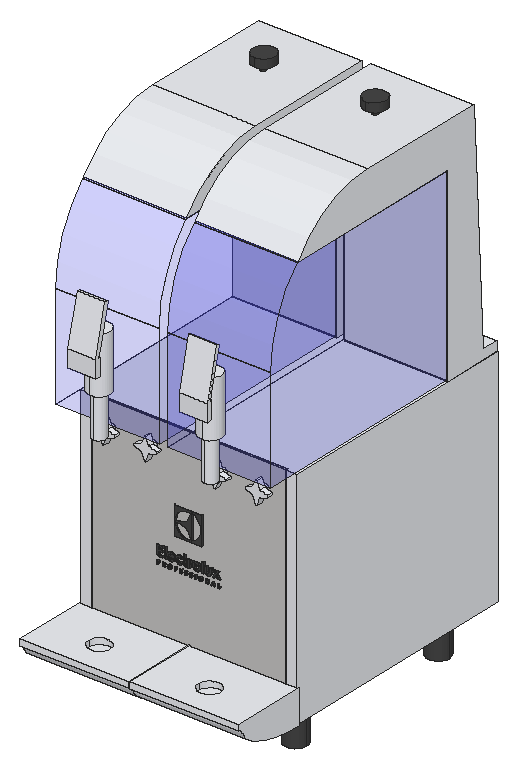
Revit family "QF_ELECTROLUXPROFESSIONAL_562508_IPRO2MR290", category Attrezzature speciali, Revit 2020
Family settings
  Quota connettore circolare = Usa diametro
  Tipo di parte = Normale
  Basato su piano di lavoro = No
  Sempre verticale = Sì
  Taglio con vuoti quando caricato = No
  Condiviso = No
  Punto di calcolo locali = No
Parameters (values of type "Standard")
  Weight = 60.00 kg
  Watts = 790 W
  Volts = 220 V
  URL Manufacturer = "https://www.electroluxprofessional.com/"
  URL = "https://www.electroluxprofessional.com/"
  Steam Supply Size = 0 mm
  Steam Supply Minimum Pressure = 0.0 Pa
  Steam Supply Maximum Pressure = 0.0 Pa
  Steam Consumption per Hour = 0
  Show Logo [instance] = yes
  Show Clearance [instance] = yes
  Refrigeration Suction Line Size = 0 mm
  Refrigeration Liquid Line Size = 0 mm
  Refrigerant Compressor Remote = yes
  Prospetto di default = 0 mm
  Produttore = "Electrolux Professional"
  Phase = 1
  Modello = "IPRO2MR290"
  Length Actual = 400 mm  # constant formula
  Item Number = "562508"
  Hot Water Size = 0 mm
  Height Actual = 870 mm  # constant formula
  HP = "1.1 HP"
  Gas Size = 0 mm
  Gas KW = 0
  Gas Input Pressure = 0 W
  Direct Waste Size = 0 mm
  Descrizione = "2X11 LT BOWL - FROZEN GRANITA DISPENSER - MECHANICAL CONTROL  - 2 INSULATED BOWLS - WHITE, R290"
  Depth Actual = 580 mm  # constant formula
  Cycle = 50 Hz
  Condensate Return Size = 0 mm
  Compressed Air Volume = 0.0 L/s
  Compressed Air Size = 0 mm
  Compressed Air Pressure = 0.0 Pa
  Cold Water Size = 0 mm
  Accessory = yes
Reference planes
  plane 1: z = 0
  plane 2 "LEFT": x = -300
  plane 3 "BACK": y = 282.5
  plane 4 "FRONT": y = -301.5
  plane 5: z = 873
  plane 6 "RIGHT": x = 95
  plane 7: x = -102.5
  plane 8: y = -282.5
  plane 9: x = -202.5
  plane 10: x = -2.5
  plane 11: z = 445
  plane 12: z = 677.97
  plane 13: z = 110
  plane 14: z = 900
  plane 15: through (60, -104.25, 3830) normal (-0.7071, -0.7071, 0)
  plane 16: through (60, -84.25, 3830) normal (0.7071, -0.7071, 0)
Forms (mm)
  Extrusion 1, solid, material "QF_Finishes_White"
    sketch origin (0, 0, 0) x (1, 0, 0) y (0, 1, 0)
      loop
        line (-296.5, 282.5) -> (-296.5, -167.5) -> (-276.5, -167.5) -> (-276.5, -162.5) -> (71.5, -162.5) -> (71.5, -167.5) -> (91.5, -167.5) -> (91.5, 282.5) -> (-296.5, 282.5)
    from 50 to 453
  Extrusion 2, solid, material "QF_Finishes_Stainless Steel"
    sketch origin (0, 0, 0) x (1, 0, 0) y (0, 1, 0)
      loop
        line (71, -163) -> (-276, -163) -> (-276, -167.5) -> (71, -167.5) -> (71, -163)
    from 110 to 453
  Extrusion 3, solid, material "QF_Finishes_Stainless Steel"
    sketch origin (-367.596, -267.273, 48) x (0, -1, 0) y (1, 0, 0)
      loop
        line (-163.023, 407.596) -> (-163.023, 427.596) -> (-183.023, 427.596) -> (-183.023, 407.596) -> (-163.023, 407.596)
    from 0 to 2
Dimensions and locks
  plane 3 "BACK" to plane 4 "FRONT" = 584 mm  (x3)
  plane 5 to level = 873 mm  (x2)
  plane 2 "LEFT" to plane 6 "RIGHT" = 395 mm
  equal spacing: plane 2 "LEFT", plane 7, plane 6 "RIGHT"
  plane 3 "BACK" to plane 8 = 565 mm
  plane 10 to plane 9 = 200 mm
  plane 12 to plane 11 = 232.97 mm
  level to plane 14 = 900 mm
  plane 13 to level = 110 mm
  plane 11 to plane 13 = 335 mm
  plane 6 "RIGHT" to plane 2 "LEFT" = 395 mm
  aligned and locked: level to plane 1
Automatic sketch dimensions
  Extrusion 1 sketch curve to plane 3 "BACK" = 0 mm
  plane 2 "LEFT" to Extrusion 1 sketch curve = 3.5 mm
  Extrusion 1 sketch curve to Extrusion 1 sketch curve = 20 mm
  Extrusion 1 sketch curve to plane 6 "RIGHT" = 23.5 mm
  Extrusion 1 sketch curve to plane 6 "RIGHT" = 3.5 mm
  Extrusion 1 sketch curve to plane 8 = 120 mm
  Extrusion 1 sketch curve to Extrusion 1 sketch curve = 5 mm  (x2)
  plane 2 "LEFT" to Extrusion 2 sketch curve = 24 mm
  Extrusion 2 sketch curve to plane 6 "RIGHT" = 24 mm
  Extrusion 2 sketch curve to plane 8 = 115 mm
  Extrusion 2 sketch curve to Extrusion 2 sketch curve = 4.5 mm
  Extrusion 3 sketch curve to plane 15 = 0 mm
  plane 16 to Extrusion 3 sketch curve = 0 mm
  Extrusion 3 sketch curve to plane 16 = 0 mm
  plane 10 to Extrusion 3 sketch curve = 42.5 mm
Nested families
  nested 1: "BOCCHETTONE BEVERAGE" at (-202.5, -260.625, 445), type "BOCCHETTONE BEVERAGE"
  nested 2: "BOCCHETTONE BEVERAGE" at (-2.5, -260.625, 445), type "BOCCHETTONE BEVERAGE"
  nested 3: "MANOPOLA BEVERAGE" at (-240, -167.5, 413) x (0, 0, 1) z (0, -1, 0), type "MANOPOLA BEVERAGE"
  nested 4: "MANOPOLA BEVERAGE" at (-165, -167.5, 413) x (0, 0, 1) z (0, -1, 0), type "MANOPOLA BEVERAGE"
  nested 5: "MANOPOLA BEVERAGE" at (35, -167.5, 413) x (0, 0, 1) z (0, -1, 0), type "MANOPOLA BEVERAGE"
  nested 6: "MANOPOLA BEVERAGE" at (-40, -167.5, 413) x (0, 0, 1) z (0, -1, 0), type "MANOPOLA BEVERAGE"
  nested 7: "MANOPOLA APERTURA BEVERAGE " at (-202.5, 125, 873) x (0, 1, 0) z (0, 0, 1), type "MANOPOLA APERTURA BEVERAGE "
  nested 8: "MANOPOLA APERTURA BEVERAGE " at (-2.5, 125, 873) x (0, 1, 0) z (0, 0, 1), type "MANOPOLA APERTURA BEVERAGE "
  nested 9: "ELXP_LOGO_ONLY_MEDIUM" at (-102.5, -167.5, 303) x (1, 0, 0) z (0, -1, 0), Show Logo <- "Show Logo", visible <- "Show Logo", type "ELXP_LOGO_ONLY_MEDIUM"
    with Show Logo yes
  nested 10: "ELX_LOGO_WORDS_MEDIUM" at (-102.5, -167.5, 238) x (1, 0, 0) z (0, -1, 0), visible <- "Show Logo", Show Logo <- "Show Logo", type "ELX_LOGO_WORDS_MEDIUM"
    with Show Logo yes
  nested 11: "VASCHETTA BEVERAGE" at (-201.25, -167.5, 80) x (1, 0, 0) z (0, -1, 0), type "VASCHETTA BEVERAGE"
  nested 12: "VASCHETTA BEVERAGE" at (-3.75, -167.5, 80) x (-1, 0, 0) z (0, -1, 0), type "VASCHETTA BEVERAGE"
  nested 13: "PORTAGRANITE BEVERAGE" at (-202.5, 28.972, 453), type "PORTAGRANITE BEVERAGE"
  nested 14: "PORTAGRANITE BEVERAGE" at (-2.5, 28.972, 453) x (-1, 0, 0) z (0, 0, 1), type "PORTAGRANITE BEVERAGE"
  nested 15: "Piedino 50x40 BEVERAGE" at (-268.5, 184.5, 0), type "Piedino 50x40 BEVERAGE"
    with H 150 mm
  nested 16: "Piedino 50x40 BEVERAGE" at (-268.5, -135.5, 0), type "Piedino 50x40 BEVERAGE"
    with H 150 mm
  nested 17: "Piedino 50x40 BEVERAGE" at (63.5, 184.5, 0) x (-1, 0, 0) z (0, 0, 1), type "Piedino 50x40 BEVERAGE"
    with H 150 mm
  nested 18: "Piedino 50x40 BEVERAGE" at (63.5, -135.5, 0) x (-1, 0, 0) z (0, 0, 1), type "Piedino 50x40 BEVERAGE"
    with H 150 mm
Connectors
  electrical at (50, -94.25, 48), driven by "Volts"
    settings: on Extrusion 3, index 72, voltage 220 V, apparent load 0 VA, apparent load phase1 0 VA, apparent load phase2 0 VA, apparent load phase3 0 VA, power factor 1, load classification "Altro", number of poles 1, system type 30, power factor state 1, is connector primary yes, connector utility no, sub classification motor no, connector description "Electrical Connection"
Definition of nested family "BOCCHETTONE BEVERAGE"
  Parameters (values of type "BOCCHETTONE BEVERAGE")
    Default Elevation = 1219.2 mm
  Reference planes
    plane 1 "Centro (Fronte/Retro)": y = 0
    plane 2: z = 0
    plane 3 "Centro (Sinistra/Destra)": x = 0
    plane 4: z = 233
    plane 5: y = -22
  Forms (mm)
    Extrusion 1, solid
      sketch origin (0, 0, 0) x (1, 0, 0) y (0, 1, 0)
        loop
          line (-1219.2, 1219.2) -> (-1219.2, -1219.2) -> (1219.2, -1219.2) -> (1219.2, 1219.2) -> (-1219.2, 1219.2)
      from 0 to -304.8
    Extrusion 2, solid
      sketch origin (0, 15.961, 0) x (0, -1, 0) y (1, 0, 0)
        loop
          circle (0, 0) r 12
      from 0 to 75
    Extrusion 3, solid
      sketch origin (0, 15.961, 75) x (0, -1, 0) y (1, 0, 0)
        loop
          circle (0, 0) r 20
      from 0 to 100
    Extrusion 4, void
      sketch origin (0, 0, 0) x (1, 0, 0) y (0, 1, 0)
        loop
          line (-27.179, -16.141) -> (-21.226, -10.188) -> (-6.226, -10.188) -> (-6.226, 12.684) -> (-27.179, 12.684) -> (-27.179, -16.141)
        loop
          line (27.179, -16.141) -> (27.179, 12.684) -> (6.226, 12.684) -> (6.226, -10.188) -> (21.226, -10.188) -> (27.179, -16.141)
      from 104.337 to 159.894
    Extrusion 5, solid
      sketch origin (25, 15.961, 29.221) x (0, -1, 0) y (0, 0, 1)
        loop
          line (11.922, 118.779) -> (11.922, 88.779) -> (37.961, 88.779) -> (37.961, 119.393) -> (16.929, 203.749) -> (12.077, 202.539) -> (32.961, 118.779) -> (11.922, 118.779)
      from 0 to 50
  Cuts and joins
    Extrusion 4 cuts Extrusion 5
    joined: Extrusion 3, Extrusion 5
  Dimensions and locks
    Extrusion 1 to plane 4 = 233 mm
    aligned and locked: plane 2 to Extrusion 1
    aligned and locked: level to Extrusion 1
Definition of nested family "MANOPOLA BEVERAGE"
  Parameters (values of type "MANOPOLA BEVERAGE")
    Default Elevation = 1219.2 mm
  Reference planes
    plane 1 "Centro (Fronte/Retro)": y = 0
    plane 2: z = 0
    plane 3 "Centro (Sinistra/Destra)": x = 0
    plane 4: z = 20
  Forms (mm)
    Extrusion 1, solid
      sketch origin (0, 0, 0) x (1, 0, 0) y (0, 1, 0)
        loop
          line (-1219.2, 1219.2) -> (-1219.2, -1219.2) -> (1219.2, -1219.2) -> (1219.2, 1219.2) -> (-1219.2, 1219.2)
      from 0 to -304.8
    Extrusion 2, solid
      sketch origin (0, 0, 10) x (1, 0, 0) y (0, 1, 0)
        loop
          line (-20, -1.333) -> (-6.314, -6.314) -> (-1.333, -20) -> (1.333, -20) -> (6.314, -6.314) -> (20, -1.333) -> (20, 1.333) -> (6.314, 6.314) -> (1.333, 20) -> (-1.333, 20) -> (-6.314, 6.314) -> (-20, 1.333) -> (-20, -1.333)
      from 0 to 10
    Extrusion 3, solid
      sketch origin (0, 0, 0) x (1, 0, 0) y (0, 1, 0)
        loop
          circle (0, 0) r 5
      from 0 to 10
  Dimensions and locks
    aligned and locked: plane 2 to Extrusion 1
    aligned and locked: level to Extrusion 1
Definition of nested family "MANOPOLA APERTURA BEVERAGE "
  Parameters (values of type "MANOPOLA APERTURA BEVERAGE ")
    Default Elevation = 1219.2 mm
  Reference planes
    plane 1 "Centro (Fronte/Retro)": y = 0
    plane 2: z = 0
    plane 3 "Centro (Sinistra/Destra)": x = 0
    plane 4: z = 27
  Forms (mm)
    Extrusion 1, solid
      sketch origin (0, 0, 0) x (1, 0, 0) y (0, 1, 0)
        loop
          line (-1219.2, 1219.2) -> (-1219.2, -1219.2) -> (1219.2, -1219.2) -> (1219.2, 1219.2) -> (-1219.2, 1219.2)
      from 0 to -304.8
    Extrusion 2, solid
      sketch origin (0, 0, 0) x (1, 0, 0) y (0, 1, 0)
        loop
          circle (0, 0) r 5
      from 0 to 12
    Extrusion 3, solid
      sketch origin (0, 0, 12) x (1, 0, 0) y (0, 1, 0)
        loop
          circle (0, 0) r 20
      from 0 to 15
  Dimensions and locks
    Extrusion 1 to plane 4 = 27 mm
    aligned and locked: plane 2 to Extrusion 1
    aligned and locked: level to Extrusion 1
Definition of nested family "ELXP_LOGO_ONLY_MEDIUM"
  Parameters (values of type "ELXP_LOGO_ONLY_MEDIUM")
    Show Logo [instance] = yes
    Default Elevation = 0 mm
  Reference planes
    plane 1 "Centro (Fronte/Retro)": y = 0
    plane 2: z = 0
    plane 3 "Centro (Sinistra/Destra)": x = 0
  Forms (mm)
    Extrusion 1, solid
      sketch origin (0, 0, 0) x (1, 0, 0) y (0, 1, 0)
        loop
          line (-1219.2, 1219.2) -> (-1219.2, -1219.2) -> (1219.2, -1219.2) -> (1219.2, 1219.2) -> (-1219.2, 1219.2)
      from 0 to -304.8
    Extrusion 2, solid, visible <- "Show Logo"
      sketch origin (15.862, -72.798, 0) x (1, 0, 0) y (0, 1, 0)
        loop
          line (-40.901, 47.952) -> (9.138, 47.952) -> (9.138, 97.923) -> (-40.901, 97.923) -> (-40.901, 47.952)
        loop
          line (-9.2, 95.47) -> (-9.2, 50.507)
          arc (-9.2, 50.507) -> (7.421, 72.988) -> (-9.2, 95.47) r 23.515
        loop
          line (-11.486, 92.214) -> (-11.486, 95.47)
          arc (-11.486, 95.47) -> (-30.185, 91.22) -> (-39.194, 74.292) r 23.044
          line (-39.194, 74.292) -> (-31.756, 74.292)
          arc (-31.756, 74.292) -> (-18.467, 79.686) -> (-11.486, 92.214) r 21.599
        loop
          arc (-39.194, 71.685) -> (-30.2, 54.618) -> (-11.486, 49.93) r 23.647
          line (-11.486, 49.93) -> (-11.486, 53.763)
          arc (-11.486, 53.763) -> (-18.467, 66.291) -> (-31.756, 71.685) r 21.599
          line (-31.756, 71.685) -> (-39.194, 71.685)
      from 0 to 1.644
  Dimensions and locks
    aligned and locked: plane 2 to Extrusion 1
    aligned and locked: level to Extrusion 1
Definition of nested family "ELX_LOGO_WORDS_MEDIUM"
  Parameters (values of type "ELX_LOGO_WORDS_MEDIUM")
    Show Logo [instance] = yes
    Default Elevation = 0 mm
  Reference planes
    plane 1 "Centro (Fronte/Retro)": y = 0
    plane 2: z = 0
    plane 3 "Centro (Sinistra/Destra)": x = 0
  Forms (mm)
    Extrusion 1, solid
      sketch origin (0, 0, 0) x (1, 0, 0) y (0, 1, 0)
        loop
          line (-1219.2, 1219.2) -> (-1219.2, -1219.2) -> (1219.2, -1219.2) -> (1219.2, 1219.2) -> (-1219.2, 1219.2)
      from 0 to -304.8
    Extrusion 2, solid, visible <- "Show Logo"
      sketch origin (0, 0, 0) x (1, 0, 0) y (0, 1, 0)
        loop
          line (-45.351, 15.842) -> (-56.505, 15.842) -> (-56.505, 2.853)
          arc (-56.505, 2.853) -> (-55.037, -0.691) -> (-51.493, -2.159) r 5.012
          line (-51.493, -2.159) -> (-45.135, -2.159) -> (-45.135, 0.755) -> (-50.767, 0.755)
          arc (-50.767, 0.755) -> (-52.618, 1.38) -> (-53.406, 3.168) r 2.423
          line (-53.406, 3.168) -> (-53.406, 5.743) -> (-45.833, 5.743) -> (-45.833, 8.668) -> (-53.406, 8.668) -> (-53.406, 12.925) -> (-45.351, 12.925) -> (-45.351, 15.842)
        loop
          line (-42.933, 15.842) -> (-42.933, -2.159) -> (-39.832, -2.159) -> (-39.832, 15.842) -> (-42.933, 15.842)
        loop
          line (24.405, 15.842) -> (24.405, -2.159) -> (27.508, -2.159) -> (27.508, 15.842) -> (24.405, 15.842)
        loop
          line (-34.705, 3.589) -> (-24.531, 3.589)
          arc (-24.531, 3.589) -> (-26.123, 9.178) -> (-31.565, 11.217) r 6.447
          arc (-31.565, 11.217) -> (-36.358, 8.786) -> (-37.726, 3.589) r 6.56
          arc (-37.726, 3.589) -> (-35.926, -0.757) -> (-31.58, -2.557) r 6.146
          arc (-31.58, -2.557) -> (-28.198, -2.058) -> (-25.362, -0.149) r 7.726
          line (-25.362, -0.149) -> (-27.199, 1.688)
          arc (-27.199, 1.688) -> (-29.61, 0.242) -> (-32.411, 0.485) r 4.558
          arc (-32.411, 0.485) -> (-34.119, 1.622) -> (-34.705, 3.589) r 3.019
        loop
          line (-34.628, 5.769) -> (-27.646, 5.769)
          arc (-27.646, 5.769) -> (-28.626, 7.83) -> (-30.779, 8.59) r 2.974
          arc (-30.779, 8.59) -> (-33.263, 7.943) -> (-34.628, 5.769) r 3.481
        loop
          line (-12.445, 7.067) -> (-10.499, 9.013)
          arc (-10.499, 9.013) -> (-12.94, 10.78) -> (-15.907, 11.309) r 6.746
          arc (-15.907, 11.309) -> (-20.432, 9.655) -> (-22.806, 5.463) r 6.977
          arc (-22.806, 5.463) -> (-18.803, -1.885) -> (-10.608, -0.191) r 7.026
          line (-10.608, -0.191) -> (-12.544, 1.745)
          arc (-12.544, 1.745) -> (-16.723, 0.362) -> (-19.717, 3.589) r 4.071
          arc (-19.717, 3.589) -> (-19.509, 6.14) -> (-17.752, 8.002) r 3.867
          arc (-17.752, 8.002) -> (-14.941, 8.431) -> (-12.445, 7.067) r 4.442
        loop
          line (-8.594, 15.842) -> (-8.594, 3.541)
          arc (-8.594, 3.541) -> (-8.326, 1.695) -> (-7.635, -0.038) r 7.951
          arc (-7.635, -0.038) -> (-5.422, -1.797) -> (-2.62, -2.167) r 5.297
          line (-2.62, -2.167) -> (-2.62, 0.738)
          arc (-2.62, 0.738) -> (-3.453, 0.802) -> (-4.23, 1.109) r 2.792
          arc (-4.23, 1.109) -> (-5.227, 2.163) -> (-5.494, 3.589) r 2.57
          line (-5.494, 3.589) -> (-5.494, 8.043) -> (-2.678, 8.043) -> (-2.678, 10.86) -> (-5.494, 10.86) -> (-5.494, 15.842) -> (-8.594, 15.842)
        loop
          arc (3.006, 4.684) -> (3.228, 5.982) -> (3.868, 7.133) r 3.911
          arc (3.868, 7.133) -> (5.725, 8.086) -> (7.812, 8.043) r 4.26
          line (7.812, 8.043) -> (7.812, 11.023)
          arc (7.812, 11.023) -> (5.085, 10.766) -> (3.006, 8.983) r 4.524
          line (3.006, 8.983) -> (3.006, 10.86) -> (-0.069, 10.86) -> (-0.069, -2.159) -> (3.006, -2.159) -> (3.006, 4.684)
        loop
          circle (15.393, 4.348) r 6.899
        loop
          circle (15.393, 4.348) r 4.181
        loop
          arc (38.69, 3.262) -> (37.924, 1.158) -> (35.848, 0.319) r 2.752
          arc (35.848, 0.319) -> (33.771, 1.158) -> (33.005, 3.262) r 2.752
          line (33.005, 3.262) -> (33.005, 10.859) -> (29.879, 10.859) -> (29.879, 3.004)
          arc (29.879, 3.004) -> (31.658, -1.052) -> (35.848, -2.489) r 5.512
          arc (35.848, -2.489) -> (40.084, -1.008) -> (41.815, 3.132) r 5.512
          line (41.815, 3.132) -> (41.815, 10.859) -> (38.69, 10.859) -> (38.69, 3.262)
        loop
          line (43.689, 10.859) -> (48.192, 4.746) -> (43.245, -2.164) -> (46.578, -2.164) -> (49.861, 2.422) -> (53.193, -2.164) -> (56.505, -2.164) -> (51.629, 4.817) -> (56.087, 10.859) -> (52.703, 10.859) -> (49.851, 6.995) -> (47.043, 10.859) -> (43.689, 10.859)
        loop
          line (-53.813, -9.621) -> (-56.285, -9.621) -> (-56.285, -15.847) -> (-54.932, -15.847) -> (-54.932, -13.703) -> (-53.437, -13.703)
          arc (-53.437, -13.703) -> (-51.764, -11.49) -> (-53.813, -9.621) r 2.058
        loop
          arc (-53.496, -12.48) -> (-52.984, -11.679) -> (-53.496, -10.879) r 0.881
          line (-53.496, -10.879) -> (-54.932, -10.879) -> (-54.932, -12.48) -> (-53.496, -12.48)
        loop
          line (-44.045, -9.621) -> (-46.56, -9.621) -> (-46.56, -15.847) -> (-45.207, -15.847) -> (-45.207, -13.703) -> (-43.898, -13.703) -> (-43.003, -15.847) -> (-41.55, -15.847) -> (-42.774, -13.222)
          arc (-42.774, -13.222) -> (-42.188, -12.521) -> (-41.991, -11.628) r 1.922
          arc (-41.991, -11.628) -> (-42.609, -10.206) -> (-44.045, -9.621) r 2.055
        loop
          line (-45.207, -10.879) -> (-45.207, -12.48) -> (-43.771, -12.48)
          arc (-43.771, -12.48) -> (-43.258, -11.679) -> (-43.771, -10.879) r 0.881
          line (-43.771, -10.879) -> (-45.207, -10.879)
        loop
          circle (-33.602, -12.734) r 3.233
        loop
          circle (-33.602, -12.734) r 2.052
        loop
          line (-25.054, -9.622) -> (-25.054, -15.847) -> (-23.734, -15.847) -> (-23.734, -13.671) -> (-21.392, -13.671) -> (-21.392, -12.276) -> (-23.734, -12.276) -> (-23.734, -10.963) -> (-21.167, -10.963) -> (-21.167, -9.622) -> (-25.054, -9.622)
        loop
          line (-15.917, -9.622) -> (-15.917, -13.825)
          arc (-15.917, -13.825) -> (-15.343, -15.249) -> (-13.926, -15.842) r 1.991
          line (-13.926, -15.842) -> (-11.917, -15.842) -> (-11.917, -14.666) -> (-13.806, -14.666)
          arc (-13.806, -14.666) -> (-14.501, -14.091) -> (-14.638, -13.198) r 1.267
          line (-14.638, -13.198) -> (-12.15, -13.198) -> (-12.15, -12.023) -> (-14.638, -12.023) -> (-14.638, -10.797) -> (-11.977, -10.797) -> (-11.977, -9.622) -> (-15.917, -9.622)
        loop
          arc (6.626, -10.41) -> (5.801, -9.733) -> (4.757, -9.518) r 2.228
          arc (4.757, -9.518) -> (3.792, -9.755) -> (2.999, -10.352) r 2.468
          arc (2.999, -10.352) -> (2.853, -11.766) -> (3.765, -12.856) r 1.825
          arc (3.765, -12.856) -> (4.531, -13.112) -> (5.259, -13.464) r 6.301
          arc (5.259, -13.464) -> (5.719, -14.005) -> (5.402, -14.641) r 0.645
          arc (5.402, -14.641) -> (4.814, -14.78) -> (4.228, -14.631) r 1.269
          arc (4.228, -14.631) -> (3.722, -14.266) -> (3.412, -13.725) r 1.474
          line (3.412, -13.725) -> (2.324, -14.233)
          arc (2.324, -14.233) -> (2.716, -14.99) -> (3.348, -15.561) r 2.393
          arc (3.348, -15.561) -> (4.065, -15.867) -> (4.841, -15.945) r 2.579
          arc (4.841, -15.945) -> (5.8, -15.754) -> (6.664, -15.295) r 3.369
          arc (6.664, -15.295) -> (7.045, -14.28) -> (6.848, -13.214) r 2.023
          arc (6.848, -13.214) -> (6.423, -12.723) -> (5.879, -12.368) r 2.346
          arc (5.879, -12.368) -> (5.19, -12.061) -> (4.485, -11.796) r 12.353
          arc (4.485, -11.796) -> (4.077, -11.162) -> (4.666, -10.692) r 0.562
          arc (4.666, -10.692) -> (5.372, -10.862) -> (5.915, -11.344) r 1.497
          line (5.915, -11.344) -> (6.626, -10.41)
        loop
          line (12.337, -9.622) -> (12.337, -15.842) -> (13.616, -15.842) -> (13.616, -9.622) -> (12.337, -9.622)
        loop
          circle (22.24, -12.732) r 1.935
        loop
          circle (22.24, -12.732) r 3.231
        loop
          line (30.821, -15.842) -> (32.114, -15.842) -> (32.114, -11.931) -> (34.96, -15.842) -> (36.203, -15.842) -> (36.203, -9.622) -> (34.911, -9.622) -> (34.911, -13.651) -> (32.065, -9.622) -> (30.821, -9.622) -> (30.821, -15.842)
        loop
          line (42.652, -15.842) -> (43.258, -14.5) -> (45.559, -14.5) -> (46.165, -15.842) -> (47.54, -15.842) -> (44.912, -9.622) -> (43.712, -9.622) -> (41.279, -15.842) -> (42.652, -15.842)
        loop
          line (44.985, -13.224) -> (44.369, -11.857) -> (43.77, -13.224) -> (44.985, -13.224)
        loop
          line (53.893, -14.666) -> (53.893, -9.622) -> (52.614, -9.622) -> (52.614, -15.842) -> (56.285, -15.842) -> (56.285, -14.666) -> (53.893, -14.666)
        loop
          arc (-2.701, -10.41) -> (-3.525, -9.733) -> (-4.57, -9.518) r 2.228
          arc (-4.57, -9.518) -> (-5.534, -9.755) -> (-6.327, -10.352) r 2.468
          arc (-6.327, -10.352) -> (-6.473, -11.766) -> (-5.562, -12.856) r 1.825
          arc (-5.562, -12.856) -> (-4.795, -13.112) -> (-4.067, -13.464) r 6.301
          arc (-4.067, -13.464) -> (-3.608, -14.005) -> (-3.924, -14.641) r 0.645
          arc (-3.924, -14.641) -> (-4.512, -14.78) -> (-5.098, -14.631) r 1.269
          arc (-5.098, -14.631) -> (-5.604, -14.266) -> (-5.914, -13.725) r 1.474
          line (-5.914, -13.725) -> (-7.002, -14.233)
          arc (-7.002, -14.233) -> (-6.61, -14.99) -> (-5.978, -15.561) r 2.393
          arc (-5.978, -15.561) -> (-5.261, -15.867) -> (-4.485, -15.945) r 2.579
          arc (-4.485, -15.945) -> (-3.526, -15.754) -> (-2.663, -15.295) r 3.369
          arc (-2.663, -15.295) -> (-2.281, -14.28) -> (-2.478, -13.214) r 2.023
          arc (-2.478, -13.214) -> (-2.903, -12.723) -> (-3.448, -12.368) r 2.346
          arc (-3.448, -12.368) -> (-4.136, -12.061) -> (-4.842, -11.796) r 12.353
          arc (-4.842, -11.796) -> (-5.249, -11.162) -> (-4.66, -10.692) r 0.562
          arc (-4.66, -10.692) -> (-3.954, -10.862) -> (-3.412, -11.344) r 1.497
          line (-3.412, -11.344) -> (-2.701, -10.41)
      from 0 to 1.644
  Dimensions and locks
    aligned and locked: plane 2 to Extrusion 1
    aligned and locked: level to Extrusion 1
Definition of nested family "VASCHETTA BEVERAGE"
  Parameters (values of type "VASCHETTA BEVERAGE")
    Default Elevation = 1219.2 mm
  Reference planes
    plane 1 "Centro (Fronte/Retro)": y = 0
    plane 2: z = 0
    plane 3 "Centro (Sinistra/Destra)": x = 0
  Forms (mm)
    Extrusion 1, solid
      sketch origin (0, 0, 0) x (1, 0, 0) y (0, 1, 0)
        loop
          line (-1219.2, 1219.2) -> (-1219.2, -1219.2) -> (1219.2, -1219.2) -> (1219.2, 1219.2) -> (-1219.2, 1219.2)
      from 0 to -304.8
    Extrusion 2, solid
      sketch origin (-97.5, -80, -167.5) x (0, 0, -1) y (0, 1, 0)
        loop
          line (-167.5, 110) -> (-301.5, 110) -> (-301.5, 100) -> (-296.403, 100)
          spline (-296.403, 100) -> (-294.717, 93.399) -> (-290.961, 86.937) -> (-285.195, 80.722) -> (-277.513, 74.853) -> (-268.041, 69.426) -> (-256.932, 64.529) -> (-244.367, 60.243) -> (-230.551, 56.637) -> (-215.709, 53.769) -> (-200.082, 51.686) -> (-183.925, 50.423) -> (-167.5, 50)
          line (-167.5, 50) -> (-167.5, 110)
      from 0 to 195
    Extrusion 3, void
      sketch origin (202.5, -80, -167.5) x (1, 0, 0) y (0, 0, -1)
        loop
          circle (-202.5, -244.664) r 20
      from 100 to 110
  Cuts and joins
    Extrusion 3 cuts Extrusion 2
  Dimensions and locks
    aligned and locked: plane 2 to Extrusion 1
    aligned and locked: level to Extrusion 1
Definition of nested family "PORTAGRANITE BEVERAGE"
  Parameters (values of type "PORTAGRANITE BEVERAGE")
    Default Elevation = 1219.2 mm
  Reference planes
    plane 1 "Centro (Fronte/Retro)": y = 0
    plane 2: z = 0
    plane 3 "Centro (Sinistra/Destra)": x = 0
    plane 4: z = 233
    plane 5: y = -36.472
    plane 6: z = 338
  Forms (mm)
    Extrusion 1, solid
      sketch origin (0, 0, 0) x (1, 0, 0) y (0, 1, 0)
        loop
          line (-1219.2, 1219.2) -> (-1219.2, -1219.2) -> (1219.2, -1219.2) -> (1219.2, 1219.2) -> (-1219.2, 1219.2)
      from 0 to -304.8
    Extrusion 2, solid
      sketch origin (-92.5, -28.972, -376) x (0, 1, 0) y (0, 0, 1)
        loop
          line (172.5, 716) -> (172.5, 376) -> (282.5, 376) -> (282.5, 393) -> (251.241, 393) -> (230.12, 796) -> (-7.5, 796)
          arc (-7.5, 796) -> (-94.678, 774.819) -> (-162.419, 716) r 190
          line (-162.419, 716) -> (172.5, 716)
      from 0 to 185
    Extrusion 3, solid
      sketch origin (-100, -28.972, -376) x (0, 1, 0) y (0, 0, 1)
        loop
          line (170.5, 378) -> (170.5, 714) -> (-164.355, 714)
          arc (-164.355, 714) -> (-209.023, 644.734) -> (-224.664, 563.812) r 217.164
          line (-224.664, 563.812) -> (-224.664, 378) -> (170.5, 378)
      from 7.5 to 192.5
  Dimensions and locks
    Extrusion 1 to plane 4 = 233 mm
    aligned and locked: plane 2 to Extrusion 1
    aligned and locked: level to Extrusion 1
Definition of nested family "Piedino 50x40 BEVERAGE"
  Parameters (values of type "Piedino 50x40 BEVERAGE")
    Default Elevation = 0 mm
    H [instance] = 150 mm
  Reference planes
    plane 1 "Centro (Fronte/Retro)": y = 0
    plane 2: z = 0
    plane 3 "Centro (Sinistra/Destra)": x = 0
  Forms (mm)
    Revolve 1, solid
      sketch origin (55, 0, 0) x (-1, 0, 0) y (0, 0, -1)
        loop
          line (55, 0) -> (35, 0) -> (35, -50) -> (55, -50) -> (55, 0)
        axis (55, 0) -> (55, -50)
      angle from 0 to 360
  Dimensions and locks
    aligned and locked: level to plane 2
